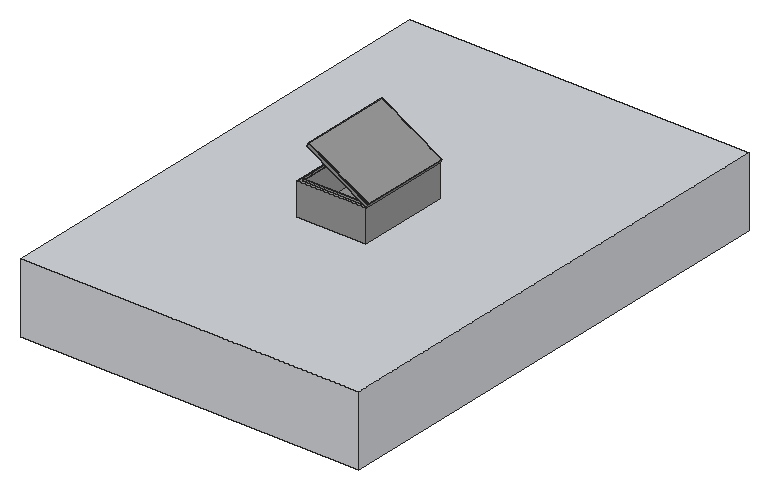
Revit family "Hager-Orion_Inox-IP65-D160-Cl.I-Inox_encl-630A-400mm-IT-it", category Equipement électrique, Revit 2020
Family settings
  Hôte = Face
  Configuration du panneau = Deux colonnes, circuits au sein
  Cote de connecteur circulaire = Utiliser le diamètre
  Type d'élément = Tableau de raccordement
  Couper avec des vides une fois chargée = Non
  Partagée = Non
  Point de calcul de pièce = Non
Parameters (values of type "incassato IP65 L300 A400 P160  - FL706BW")
  Width Control [instance] = if([EF000008 - Larghezza] > Min Width, [EF000008 - Larghezza], Min Width)  # 300 mm
  Commentaires du type = [HG000003 - Gamma]  # "Orion Inox"
  Thickness Door [instance] = if([EF009171 - spessore materiale porta/coperchio] > 3 mm, 3 mm, [EF009171 - spessore materiale porta/coperchio])  # 1.5 mm
  Seal Frame Offset [instance] = 17 mm  # constant formula
  Model = ""
  Min Width [instance] = 100 mm  # constant formula
  Min Height [instance] = 100 mm  # constant formula
  Min Depth [instance] = (2 * [EF009170 - spessore materiale scatola]) + 1 mm  # 3.4 mm
  Internal Frame Depth [instance] = (Door System Depth * 0.5)  # 9 mm
  Height Control [instance] = if([EF000040 - Altezza] > Min Height, [EF000040 - Altezza], Min Height)  # 400 mm
  HG000027 - Altezza dello zoccolo = 0 mm
  HG000026 - A pavimento = no
  HG000024 - Altezza della sezione inferiore = 800 mm
  HG000023 - Custodia a doppia sezione = no
  HG000016 - Visibilità delle porte nella vista 3D [instance] = yes
  HG000015 - Visibilità attraverso la porta [instance] = no
  HG000014 - Porta destra [instance] = yes
  HG000013 - Porta sinistra [instance] = not([HG000014 - Porta destra])  # no
  HG000012 - Angolo di apertura della porta [instance] = 30.00°
  HG000010 - Porte asimmetriche = no
  HG000009 - Porta doppia a battente = no
  HG000006 - Ad incasso = yes
  HG000004 - Codice produttore = "FL706BW"
  HG000003 - Gamma = "Orion Inox"
  HG000002 - Con porta = yes
  Frame Offset Bottom [instance] = 10 mm  # constant formula
  Frame Offset [instance] = 15 mm  # constant formula
  EF015940 - Coprire con rilascio di sovrapressione = no
  EF011959 - tipo di protezione (NEMA) = ""
  EF009554 - numero delle aperture per la piastra della flangia = 2
  Fabricant = "Hager"  # constant formula
  EF009212 - esecuzione coperchio = "EV009916 - con taglio"
  EF009171 - spessore materiale porta/coperchio = 1.5 mm
  EF009170 - spessore materiale scatola = 1.2 mm
  EF008873 - corrente nominale (In) = 630 A
  EF007800 - adatto per parafulmine = no
  EF006306 - con serratura = yes
  EF006244 - coperchio/porta trasparente = no
  EF005474 - grado di protezione (IP) = "EV006421 - IP65"
  EF004464 - tipo di porta = "EV002646 - singolo"
  EF004427 - numero di moduli = 0
  EF004293 - resistenza agli urti = "EV008784 - IK10"
  EF003532 - adatto per uso esterno = yes
  EF002950 - Numero moduli DIN = 0
  EF001613 - Integrità del circuito = ""
  EF001596 - Attacco Lampada = "EV000166 - acciaio inossidabile"
  EF001131 - profondità interna = 160 mm
  EF001088 - possibilità di applicazione = no
  EF000437 - numero di ingressi per conduttori = 2
  EF000339 - tipo di copertura = "EV004216 - porta"
  EF000266 - numero di file = 0
  EF000218 - profondità di incasso = 0 mm
  EF000118 - con piastra di montaggio = yes
  EF000116 - numero RAL = ""
  EF000049 - profondità = 160 mm
  EF000040 - Altezza = 400 mm
  EF000008 - Larghezza = 300 mm
  EF000007 - colore = "EV000154 - altri"
  EF000003 - Tipo di montaggio = "EV001247 - apparente/incassato"
  Door System Leaf Tolerance [instance] = 1.5 mm  # constant formula
  Door System Depth [instance] = 18 mm  # constant formula
  Depth Control [instance] = if([EF000049 - profondità] > Min Depth, [EF000049 - profondità], Min Depth)  # 160 mm
  Default Elevation = 0 mm
Types (2, lengths in mm): name | HG000006 - Ad incasso
  apparente IP65 L300 A400 P160  - FL706BW | no
  incassato IP65 L300 A400 P160  - FL706BW | yes
Reference planes
  plane 1 "Center (Front/Back)": y = 0
  plane 2: z = 0
  plane 3 "Center (Left/Right)": x = 0
  plane 4: z = 160
  plane 5: y = 1.2
  plane 6: y = 200
  plane 7: y = 0
  plane 8: y = 400
  plane 9: z = 0
  plane 10: x = -135
  plane 11: x = 135
  plane 12: x = 133.8
  plane 13: x = -133.8
  plane 14: y = 398.8
  plane 15: x = -133
  plane 16: x = -150
  plane 17: x = 133
  plane 18: x = 150
  plane 19: x = 148.8
  plane 20: x = -148.8
  plane 21: y = 11.2
  plane 22: y = 400
  plane 23: y = 383.8
  plane 24: z = 142
  plane 25: z = 1.2
  plane 26: z = 140.8
  plane 27: z = 158.8
Forms (mm)
  Extrusion 1, solid
    sketch origin (0, 0, 0) x (1, 0, 0) y (0, 1, 0)
      loop
        line (-702.964, 1305) -> (-702.964, -811.445) -> (766.763, -811.445) -> (766.763, 1305) -> (-702.964, 1305)
    from 0 to -304.8
  Extrusion 2, solid, material "Hager_Stainless_Steel", detail levels medium+fine
    sketch origin (0, 0, 0) x (1, 0, 0) y (0, 1, 0)
      loop
        line (-150, 0) -> (150, 0) -> (150, 400) -> (-150, 400) -> (-150, 0)
    from 0 to 142
  Extrusion 3, solid, material "Hager_Steel_RAL 7035_Light_Grey", not visible, detail levels medium+fine
    sketch origin (0, 28.16, 50.802) x (0, 1, 0) y (0, 0, 1)
      loop
        line (223.34, -50.802) -> (223.34, 97.998)
        arc (223.34, 97.998) -> (220.411, 105.069) -> (213.34, 107.998) r 10
        line (213.34, 107.998) -> (183.34, 107.998) -> (183.34, -50.802) -> (223.34, -50.802)
    from -148.8 to 148.8
  Extrusion 4, void
    sketch origin (0, 0, 0) x (1, 0, 0) y (0, 1, 0)
      loop
        line (-148.8, 1.2) -> (148.8, 1.2) -> (148.8, 398.8) -> (-148.8, 398.8) -> (-148.8, 1.2)
    from 1.2 to 140.8
  Extrusion 5, void
    sketch origin (-381.607, -4572, 142) x (0, -1, 0) y (-1, 0, 0)
      loop
        line (-4583.2, -247.807) -> (-4955.8, -247.807) -> (-4955.8, -515.407) -> (-4583.2, -515.407) -> (-4583.2, -247.807)
    from 0 to 1.2 <- "EF009170 - spessore materiale scatola"
  Extrusion 6, solid, material "Hager_Stainless_Steel", detail levels fine
    sketch origin (-381.607, -4572, 142) x (-1, 0, 0) y (0, -1, 0)
      loop
        line (-247.807, -4583.2) -> (-515.407, -4583.2) -> (-515.407, -4955.8) -> (-247.807, -4955.8) -> (-247.807, -4583.2)
      loop
        line (-247.107, -4581.7) -> (-516.107, -4581.7) -> (-516.107, -4957.3) -> (-247.107, -4957.3) -> (-247.107, -4581.7)
    from 0 to 9 <- "Internal Frame Depth"
  Extrusion 7, solid, material "Hager_Stainless_Steel", detail levels coarse
    sketch origin (0, 0, 0) x (1, 0, 0) y (0, 1, 0)
      loop
        line (-150, 0) -> (150, 0) -> (150, 400) -> (-150, 400) -> (-150, 0)
    from 0 to 160
Cuts and joins
  Extrusion 4, Extrusion 5 cuts Extrusion 2
Lines and regions (mm)
  Masking region 1
    outline origin (0, 0, 0) x (1, 0, 0) y (0, 0, 1)
      loop
        line (-150, 160) -> (-150, 0) -> (150, 0) -> (150, 160) -> (-150, 160)
  Masking region 2, detail levels medium+fine
    outline origin (0, 140, 0) x (0, 1, 0) y (0, 0, 1)
      loop
        line (-140, 0) -> (260, 0) -> (260, 142) -> (-140, 142) -> (-140, 0)
  Masking region 3, not visible, detail levels medium+fine
    outline origin (0, 297.922, 0) x (0, 1, 0) y (0, 0, 1)
      loop
        line (-86.422, 0) -> (-46.422, 0) -> (-46.422, 148.8)
        arc (-46.422, 148.8) -> (-49.351, 155.871) -> (-56.422, 158.8) r 10
        line (-56.422, 158.8) -> (-86.422, 158.8) -> (-86.422, 0)
  Masking region 4, detail levels coarse
    outline origin (0, 0, 180) x (0, 1, 0) y (0, 0, 1)
      loop
        line (0, -180) -> (400, -180) -> (400, -20) -> (0, -20) -> (0, -180)
  Masking region 5
    outline origin (-381.607, -4572, 142) x (-1, 0, 0) y (0, -1, 0)
      loop
        line (-231.607, -4972) -> (-231.607, -4572) -> (-531.607, -4572) -> (-531.607, -4972) -> (-231.607, -4972)
Dimensions and locks
  "Depth Control": plane 4 to Extrusion 1
  "EF009170 - spessore materiale scatola": plane 5 to plane 7
  locked: connector elem to plane 3 "Center (Left/Right)"
  equal spacing: plane 8, plane 6, plane 7
  locked: connector elem to plane 6
  "EF009170 - spessore materiale scatola": plane 8 to plane 14
  "EF009170 - spessore materiale scatola": plane 10 to plane 13
  "EF009170 - spessore materiale scatola": plane 12 to plane 11
  "Frame Offset": plane 20 to plane 13
  "Frame Offset": plane 12 to plane 19
  "EF009170 - spessore materiale scatola": plane 16 to plane 20
  "EF009170 - spessore materiale scatola": plane 19 to plane 18
  "Seal Frame Offset": plane 16 to plane 15
  "Seal Frame Offset": plane 17 to plane 18
  "Frame Offset Bottom": plane 21 to plane 5
  "Frame Offset": plane 14 to plane 23
  equal spacing: plane 16, plane 3 "Center (Left/Right)", plane 18
  "Width Control": plane 16 to plane 18
  "EF009170 - spessore materiale scatola": plane 4 to plane 27
  "EF009170 - spessore materiale scatola": plane 24 to plane 26
  "EF009170 - spessore materiale scatola": plane 25 to level
  "Door System Depth": plane 4 to plane 24
  "Height Control": plane 1 "Center (Front/Back)" to Extrusion 7 sketch curve
  "Height Control": Masking region 4 sketch curve to plane 1 "Center (Front/Back)"
  "Thickness Door": Extrusion 6 sketch curve to plane 15
  "Thickness Door": plane 21 to Extrusion 6 sketch curve
  "Thickness Door": plane 17 to Extrusion 6 sketch curve
  "Thickness Door": Extrusion 6 sketch curve to plane 23
  "Height Control": plane 1 "Center (Front/Back)" to plane 22
  radius of Masking region 3 sketch curve = 10 mm
  radius of Extrusion 3 sketch curve = 10 mm
  aligned and locked: plane 2 to Extrusion 1
  aligned and locked: level to Extrusion 1
  aligned and locked: level to Masking region 1 sketch curve
  aligned and locked: Masking region 1 sketch curve to plane 18
  aligned and locked: Masking region 1 sketch curve to plane 16
  aligned and locked: plane 7 to Masking region 2 sketch curve
  aligned and locked: level to Masking region 3 sketch curve
  aligned and locked: Masking region 3 sketch curve to plane 27
  aligned and locked: level to Masking region 2 sketch curve
  aligned and locked: Extrusion 2 sketch curve to plane 7
  aligned and locked: plane 16 to Extrusion 2 sketch curve
  aligned and locked: plane 18 to Extrusion 2 sketch curve
  aligned and locked: Extrusion 3 sketch curve to level
  aligned and locked: plane 27 to Extrusion 3 sketch curve
  aligned and locked: plane 20 to Extrusion 3
  aligned and locked: plane 19 to Extrusion 3
  aligned and locked: plane 20 to Extrusion 4 sketch curve
  aligned and locked: plane 19 to Extrusion 4 sketch curve
  aligned and locked: Extrusion 4 sketch curve to plane 5
  aligned and locked: Extrusion 4 to plane 25
  aligned and locked: plane 26 to Extrusion 4
  aligned and locked: plane 24 to Extrusion 2
  aligned and locked: plane 21 to Extrusion 5 sketch curve
  aligned and locked: Extrusion 5 sketch curve to plane 13
  aligned and locked: Extrusion 5 sketch curve to plane 12
  aligned and locked: plane 18 to Extrusion 7 sketch curve
  aligned and locked: plane 1 "Center (Front/Back)" to Extrusion 7 sketch curve
  aligned and locked: plane 16 to Extrusion 7 sketch curve
  aligned and locked: plane 4 to Extrusion 7
  aligned and locked: Extrusion 7 to level
  aligned and locked: level to Masking region 4 sketch curve
  aligned and locked: Masking region 4 sketch curve to plane 1 "Center (Front/Back)"
  aligned and locked: Masking region 4 sketch curve to plane 4
  aligned and locked: nested 1 to level
  aligned and locked: nested 1 to plane 16
  aligned and locked: plane 8 to Extrusion 2 sketch curve
  aligned and locked: plane 23 to Extrusion 5 sketch curve
  aligned and locked: plane 14 to Extrusion 4 sketch curve
  aligned and locked: Extrusion 6 sketch curve to plane 21
  aligned and locked: plane 13 to Extrusion 6 sketch curve
  aligned and locked: plane 23 to Extrusion 6 sketch curve
  aligned and locked: plane 12 to Extrusion 6 sketch curve
  aligned and locked: Masking region 2 sketch curve to plane 8
  aligned and locked: Masking region 2 sketch curve to plane 24
  aligned and locked: nested 2 to plane 3 "Center (Left/Right)"
  aligned and locked: nested 2 to plane 24
  aligned and locked: Masking region 5 sketch curve to plane 1 "Center (Front/Back)"
  aligned and locked: Masking region 5 sketch curve to plane 18
  aligned and locked: Masking region 5 sketch curve to plane 22
  aligned and locked: Masking region 5 sketch curve to plane 16
  aligned and locked: plane 8 to plane 22
  aligned and locked: plane 7 to plane 1 "Center (Front/Back)"
  aligned and locked: nested 2 to plane 1 "Center (Front/Back)"
Automatic sketch dimensions
  Extrusion 1 sketch curve to Extrusion 1 sketch curve = 1469.727 mm
  Extrusion 1 sketch curve to Extrusion 1 sketch curve = 2116.445 mm
  plane 6 to Masking region 3 sketch curve = 11.5 mm
  Masking region 3 sketch curve to Masking region 3 sketch curve = 30 mm
  plane 6 to Extrusion 3 sketch curve = 11.5 mm
  Extrusion 3 sketch curve to Extrusion 3 sketch curve = 30 mm
  Masking region 1 sketch curve to plane 4 = 0 mm
Nested families
  nested 1: "Hager_Enclosure_Symbol" at (-150, 0, 0) x (1, 0, 0) z (0, -1, 0), Height <- "Depth Control", Width <- "Width Control", type "Hager_Enclosure_Symbol"
    with Width_Ctrl 300 mm, Width 300 mm, Height_Ctrl 160 mm, Height 160 mm, A_Width_Int 10.5 mm, A_Width 126 mm, A_Height_Ctrl 140 mm, A_Height 140 mm
  nested 2: "EC000058_OrionInox_Door" at (0, 400, 142) x (1, 0, 0) z (0, -1, 0), Leaf_Tolerance <- "Door System Leaf Tolerance", Angle <- "HG000012 - Angolo di apertura della porta", Door_Depth <- "Door System Depth", Door_Left <- "HG000013 - Porta sinistra", Transparent <- "EF006244 - coperchio/porta trasparente", Assymetrical <- "HG000010 - Porte asimmetriche", Width <- "Width Control", Clearance <- "HG000015 - Visibilità attraverso la porta", Double <- "HG000009 - Porta doppia a battente", 3d_Door <- "HG000016 - Visibilità delle porte nella vista 3D", Width_Ctrl <- "Width Control", Door_Right <- "HG000014 - Porta destra", Door <- "HG000002 - Con porta", Height <- "Height Control", Thickness <- "Thickness Door", type "EC000058_OrionInox_Door", detail levels medium+fine
    with min_wh 4 mm, Width_Ctrl 300 mm, Width 300 mm, Transparent no, Thickness 1.5 mm, Seal_Material Hager_Rubber, Leaf_Width 300 mm, Leaf_Tolerance_External_Sides 0 mm, Leaf_Tolerance 1.5 mm, Leaf_Offset 0 mm, Leaf_Height 397 mm, Leaf_2_Width 300 mm, Leaf_2_Offset 150 mm, Leaf_1_Width 300 mm, Leaf_1_Offset 150 mm, Height_Ctrl 400 mm, Height 400 mm, Glass_Material Hager_Glass, Double_Clearance_Ctrl no, Double no, Door_Right_Ctrl yes, Door_Right yes, Door_Material Hager_Stainless_Steel, Door_Left_Ctrl no, Door_Left no, Door_Depth 18 mm, Door yes, Clearance_Material Hager_Clearance, Clearance_Depth 300 mm, Clearance_Ctrl no, Clearance no, Assymetrical no, Angle 30.00°, 3d_Door yes
Connectors
  electrical at (0, 200, 0)
    settings: on plane 9, index 1, voltage 0 V, apparent load 0 VA, apparent load phase1 0 VA, apparent load phase2 0 VA, apparent load phase3 0 VA, power factor 1, load classification "Other", number of poles 1, system type 30, power factor state 1, is connector primary yes, connector utility no, sub classification motor no, connector description ""
Definition of nested family "EC000058_OrionInox_Door"
  Parameters (values of type "EC000058_OrionInox_Door")
    min_wh [instance] = (2 * Thickness) + 1 mm  # 11 mm
    Width_Ctrl [instance] = 400 mm
    Width [instance] = 500 mm
    Transparent [instance] = yes
    Thickness [instance] = 5 mm
    Seal_Material [instance] = none
    Leaf_Width [instance] = if((Width_Ctrl - 2 * Leaf_Tolerance_External_Sides) > 0 mm, (Width_Ctrl - 2 * Leaf_Tolerance_External_Sides), min_wh)  # 400 mm
    Leaf_Tolerance_External_Sides [instance] = 0 mm  # constant formula
    Leaf_Tolerance [instance] = 1.5 mm
    Leaf_Offset [instance] = 0 mm  # constant formula
    Leaf_Height [instance] = if((Height_Ctrl - 2 * Leaf_Tolerance) > 0 mm, (Height_Ctrl - 2 * Leaf_Tolerance), min_wh)  # 497 mm
    Leaf_2_Width [instance] = if(and(and(Double, Assymetrical), Door_Left), (Leaf_Width / 3) - (Leaf_Tolerance / 2), if(and(and(Double, Assymetrical), Door_Right), (Leaf_Width / 3) * 2 - (Leaf_Tolerance / 2), if(and(Double, not(Assymetrical)), (Leaf_Width / 2) - Leaf_Tolerance, Leaf_Width)))  # 400 mm
    Leaf_2_Offset [instance] = if(and(Double, Assymetrical), Leaf_2_Width / 2, if(and(Double, not(Assymetrical)), Leaf_Width / 4, Leaf_Width / 2))  # 200 mm
    Leaf_1_Width [instance] = if(and(and(Double, Assymetrical), Door_Right), (Leaf_Width / 3) - (Leaf_Tolerance / 2), if(and(and(Double, Assymetrical), Door_Left), (Width / 3) * 2 - (Leaf_Tolerance / 2), if(and(Double, not(Assymetrical)), (Leaf_Width / 2) - Leaf_Tolerance, Leaf_Width)))  # 400 mm
    Leaf_1_Offset [instance] = if(and(Double, Assymetrical), Leaf_1_Width / 2, if(and(Double, not(Assymetrical)), Leaf_Width / 4, Leaf_Width / 2))  # 200 mm
    Height_Ctrl [instance] = if(Height > min_wh, Height, min_wh)  # 500 mm
    Height [instance] = 500 mm
    Glass_Material [instance] = none
    Double_Clearance_Ctrl [instance] = and(Double, Clearance)  # no
    Double [instance] = no
    Door_Right_Ctrl [instance] = and(or(Door_Right, Double), Door)  # yes
    Door_Right [instance] = yes
    Door_Material [instance] = none
    Door_Left_Ctrl [instance] = and(or(Door_Left, Double), Door)  # no
    Door_Left [instance] = no
    Door_Depth [instance] = 30 mm
    Door [instance] = yes
    Default Elevation = 1219.2 mm
    Clearance_Material [instance] = none
    Clearance_Depth [instance] = if(Leaf_1_Width > Leaf_2_Width, Leaf_1_Width, Leaf_2_Width)  # 400 mm
    Clearance_Ctrl [instance] = and(not(Double), Clearance)  # yes
    Clearance [instance] = yes
    Assymetrical [instance] = yes
    Angle [instance] = 30.00°
    3d_Door [instance] = yes
  Reference planes
    plane 1 "Center (Front/Back)": y = 0
    plane 2 "Bottom": z = 0
    plane 3 "Center (Left/Right)": x = 0
    plane 4: z = 500
    plane 5: x = -200
    plane 6: x = 200
    plane 7: z = 500
    plane 8: x = -200
    plane 9: z = 0
    plane 10: x = 200
    plane 11: y = 0
    plane 12: z = 1.5
    plane 13: x = -600
    plane 14: y = -400
    plane 15: x = 600
    plane 16: x = 0
    plane 17: x = 0
    plane 18: x = -200
    plane 19: x = 200
    plane 20: z = 498.5
  Forms (mm)
    Extrusion 1, solid, material <- "Clearance_Material", visible <- "Double_Clearance_Ctrl"
      sketch origin (1200, 0, 0) x (1, 0, 0) y (0, 0, -1)
        loop
          line (-1800, -498.5) -> (-600, -498.5) -> (-600, 0) -> (-1800, 0) -> (-1800, -498.5)
      from 0 to -400
  Dimensions and locks
    equal spacing: plane 5, plane 3 "Center (Left/Right)", plane 6
    "Width_Ctrl": plane 5 to plane 6
    "Leaf_Offset": plane 5 to plane 8
    "Leaf_Offset": plane 6 to plane 10
    "Leaf_Offset": plane 9 to level
    "Leaf_Offset": plane 4 to plane 7
    "Height_Ctrl": plane 4 to level
    "Leaf_Tolerance": plane 12 to plane 9
    locked: plane 11 to plane 1 "Center (Front/Back)"
    "Leaf_1_Offset": plane 18 to plane 16
    "Leaf_2_Offset": plane 17 to plane 19
    "Leaf_1_Width": plane 13 to plane 8
    "Leaf_2_Width": plane 10 to plane 15
    "Clearance_Depth": plane 14 to plane 1 "Center (Front/Back)"
    "Leaf_Tolerance_External_Sides": plane 8 to plane 18
    "Leaf_Tolerance_External_Sides": plane 19 to plane 10
    "Leaf_Tolerance": plane 7 to plane 20
    aligned and locked: level to plane 2 "Bottom"
    aligned and locked: nested 1 to plane 16
    aligned and locked: nested 2 to plane 17
    aligned and locked: Extrusion 1 to plane 13
    aligned and locked: plane 15 to Extrusion 1
    aligned and locked: Extrusion 1 to plane 14
    aligned and locked: plane 12 to nested 1
    aligned and locked: nested 2 to plane 12
    aligned and locked: Extrusion 1 to plane 11
    aligned and locked: plane 20 to Extrusion 1
    aligned and locked: nested 2 to plane 11
    aligned and locked: nested 1 to plane 11
  Automatic sketch dimensions
    Extrusion 1 sketch curve to level = 0 mm
    plane 5 to Extrusion 1 sketch curve = 400 mm
    plane 6 to Extrusion 1 sketch curve = 400 mm
    Extrusion 1 sketch curve to plane 4 = 1.5 mm
  Nested families
    nested 1: "EC000058_OrionInox_Door_Leaf" at (0, 0, 1.5), Width <- "Leaf_1_Width", visible <- "Door_Left_Ctrl", Leaf_Height <- "Leaf_Height", Angle <- "Angle", 3d_Door <- "3d_Door", Transparent <- "Transparent", Clearance Material <- "Clearance_Material", Clearance <- "Clearance_Ctrl", Door_Material <- "Door_Material", Glass_Material <- "Glass_Material", Door_Depth <- "Door_Depth", Seal_Material <- "Seal_Material", Thickness <- "Thickness", type "EC000058_OrionInox_Door_Leaf"
      with Width 400 mm, Transparent_Ctrl yes, Transparent yes, Thickness 5 mm, Standard no, Seal_Material none, Seal_D2 8 mm, Seal_D1 1 mm, Offset_Internal_Frame 10 mm, Lock_Width 28 mm, Lock_Thickness 2 mm, Lock_Radius 6 mm, Leaf_Height 497 mm, Internal_Seal_Thickness 8 mm, Internal_Seal_Depth_2 4.5 mm, Internal_Frame_Depth 25 mm, Glass_Thickness -1 mm, Glass_Offset -2 mm, Glass_Material none, Door_Material none, Door_Depth 30 mm, Clearance Material none, Clearance yes, Angle_Ctrl 30.00°, Angle 30.00°, 3d_Door yes
    nested 2: "EC000058_OrionInox_Door_Leaf" at (0, 0, 1.5) x (-1, 0, 0) z (0, 0, 1), Width <- "Leaf_2_Width", visible <- "Door_Right_Ctrl", Leaf_Height <- "Leaf_Height", Angle <- "Angle", 3d_Door <- "3d_Door", Transparent <- "Transparent", Clearance Material <- "Clearance_Material", Clearance <- "Clearance_Ctrl", Door_Material <- "Door_Material", Glass_Material <- "Glass_Material", Door_Depth <- "Door_Depth", Seal_Material <- "Seal_Material", Thickness <- "Thickness", type "EC000058_OrionInox_Door_Leaf"
      with Width 400 mm, Transparent_Ctrl yes, Transparent yes, Thickness 5 mm, Standard no, Seal_Material none, Seal_D2 8 mm, Seal_D1 1 mm, Offset_Internal_Frame 10 mm, Lock_Width 28 mm, Lock_Thickness 2 mm, Lock_Radius 6 mm, Leaf_Height 497 mm, Internal_Seal_Thickness 8 mm, Internal_Seal_Depth_2 4.5 mm, Internal_Frame_Depth 25 mm, Glass_Thickness -1 mm, Glass_Offset -2 mm, Glass_Material none, Door_Material none, Door_Depth 30 mm, Clearance Material none, Clearance yes, Angle_Ctrl 30.00°, Angle 30.00°, 3d_Door yes
  Definition of nested family "EC000058_OrionInox_Door_Leaf"
    Parameters (values of type "EC000058_OrionInox_Door_Leaf")
      Width [instance] = 450 mm
      Transparent_Ctrl [instance] = and(Transparent, [3d_Door])  # yes
      Transparent [instance] = yes
      Thickness [instance] = 5 mm
      Standard [instance] = and(not(Transparent), [3d_Door])  # no
      Seal_Material [instance] = none
      Seal_D2 [instance] = 8 mm  # constant formula
      Seal_D1 [instance] = 1 mm  # constant formula
      Offset_Internal_Frame [instance] = 10 mm  # constant formula
      Lock_Width [instance] = Door_Depth - Lock_Thickness  # 28 mm
      Lock_Thickness [instance] = 2 mm  # constant formula
      Lock_Radius [instance] = 6 mm  # constant formula
      Leaf_Height [instance] = 450 mm
      Internal_Seal_Thickness [instance] = 8 mm  # constant formula
      Internal_Seal_Depth_2 [instance] = 4.5 mm  # constant formula
      Internal_Frame_Depth [instance] = if(Door_Depth - Thickness > 5 mm, Door_Depth - Thickness, 5 mm)  # 25 mm
      Glass_Thickness [instance] = if(Thickness > 15 mm, Glass_Offset + 10 mm, -1 mm)  # -1 mm
      Glass_Offset [instance] = if(Thickness > 15 mm, -(Thickness + 10 mm) / 2, -2 mm)  # -2 mm
      Glass_Material [instance] = none
      Door_Material [instance] = none
      Door_Depth [instance] = 30 mm
      Default Elevation = 0 mm
      Clearance Material [instance] = none
      Clearance [instance] = yes
      Angle_Ctrl [instance] = if(Angle > 180.00°, 180.00°, Angle)  # 90.00°
      Angle [instance] = 90.00°
      3d_Door [instance] = yes
    Reference planes
      plane 1 "Center (Front/Back)": y = 0
      plane 2: z = 0
      plane 3 "Center (Left/Right)": x = 0
      plane 4: y = 450
      plane 5: x = -225
      plane 6: x = 225
      plane 7: x = -675
      plane 8: z = 450
      plane 9: z = 30
      plane 10: z = 420
      plane 11: x = 195
      plane 12: x = -195
      plane 13: y = -3
      plane 14: z = 107.833
      plane 15: y = -5
      plane 16: y = -223.314
      plane 17: x = -225
      plane 18: y = 30
    Forms (mm)
      Extrusion 1, solid, material <- "Clearance Material", visible <- "Clearance"
        sketch origin (0, 0, 0) x (1, 0, 0) y (0, 0, 1)
          loop
            line (-675, 450) -> (-675, 0) -> (225, 0) -> (225, 450) -> (-675, 450)
        from 0 to -450
      Extrusion 2, solid, material <- "Door_Material", visible <- "Standard", detail levels medium+fine
        sketch origin (-225, 0, 0) x (0, 1, 0) y (-1, 0, 0)
          loop
            line (0, 30) -> (0, 25) -> (450, 25) -> (450, 30) -> (0, 30)
        from 0 to 450 <- "Leaf_Height"
      Extrusion 3, solid, material <- "Door_Material", visible <- "Transparent_Ctrl", detail levels medium+fine
        sketch origin (-225, 0, 0) x (0, 1, 0) y (-1, 0, 0)
          loop
            line (0, 25) -> (450, 25) -> (450, 30) -> (0, 30) -> (0, 25)
        from 0 to 450 <- "Leaf_Height"
      Extrusion 4, void
        sketch origin (-250, 450, 0) x (0, 1, 0) y (0, 0, -1)
          loop
            line (-30, -420) -> (-30, -30) -> (-420, -30) -> (-420, -420) -> (-30, -420)
        from 0 to 5 <- "Thickness"
      Sweep 5, solid, material <- "Seal_Material", visible <- "Transparent_Ctrl", detail levels fine
        path in 3D
          loop
            line (-250, 30, 30) -> (-250, 30, 420) -> (-250, 420, 420) -> (-250, 420, 30) -> (-250, 30, 30)
        profile origin (-250, 225, 30) x (1, 0, 0) y (0, 0, 1)
          loop
            line (0, 0) -> (0, -8) -> (1, -8) -> (1, 0) -> (0, 0)
      Extrusion 6, solid, material <- "Glass_Material", visible <- "Transparent_Ctrl", detail levels medium+fine
        sketch origin (-255, 0, 0) x (0, 1, 0) y (0, 0, -1)
          loop
            line (420, -420) -> (420, -30) -> (30, -30) -> (30, -420) -> (420, -420)
        from -2 <- "Glass_Offset" to -1 <- "Glass_Thickness"
      Extrusion 7, solid, material <- "Door_Material", visible <- "3d_Door", detail levels medium+fine
        sketch origin (-250, 450, 0) x (0, -1, 0) y (0, 0, -1)
          loop
            line (0, -450) -> (450, -450) -> (450, 0) -> (0, 0) -> (0, -450)
          loop
            line (445, -5) -> (5, -5) -> (5, -445) -> (445, -445) -> (445, -5)
        from 0 to 25 <- "Internal_Frame_Depth"
      Sweep 8, solid, material <- "Seal_Material", visible <- "Transparent_Ctrl", detail levels fine
        path in 3D
          loop
            line (-250, 0, 0) -> (-250, 450, 0) -> (-250, 450, 450) -> (-250, 0, 450) -> (-250, 0, 0)
        profile origin (-250, 0, 225) x (1, 0, 0) y (0, 1, 0)
          loop
            line (0, 10) -> (2.975, 10)
            arc (2.975, 10) -> (4.053, 10.447) -> (4.5, 11.525) r 1.525
            line (4.5, 11.525) -> (4.5, 16.527)
            arc (4.5, 16.527) -> (4.069, 17.569) -> (3.027, 18) r 1.473
            line (3.027, 18) -> (0, 18) -> (0, 10)
    Cuts and joins
      Extrusion 4 cuts Extrusion 3
    Lines and regions (mm)
      Masking region 1, detail levels medium+fine
        outline origin (0, 0, 0) x (0, 1, 0) y (0, 0, 1)
          loop
            line (0, 0) -> (30, 0) -> (30, 450) -> (0, 450) -> (0, 0)
      Masking region 2, detail levels medium+fine
        outline origin (0, 0, 0) x (1, 0, 0) y (0, 0, 1)
          loop
            line (-225, 450) -> (-225, 0) -> (225, 0) -> (225, 450) -> (-225, 450)
      symbolic lines
        curve 1: line (225, 0, 0) -> (-675, 0, 0)
        curve 2: arc (225, 0, 0) -> (-225, 450, 0) -> (-675, 0, 0) r 450
        curve 4: line (-255, 0, 0) -> (-255, 450, 0)
      reference lines
        curve 3: line (-225, 0, 0) -> (-225, 450, 0)
      symbolic lines, detail levels medium+fine
        curve 5: line (-255, 450, 0) -> (-250, 450, 0)
        curve 7: line (-250, 0, 0) -> (-255, 0, 0)
        curve 8: line (-250, 0, 0) -> (-225, 0, 0)
        curve 9: line (-225, 0, 0) -> (-225, 450, 0)
        curve 10: line (-225, 450, 0) -> (-250, 450, 0)
      symbolic lines, detail levels fine
        curve 6: line (-250, 450, 0) -> (-250, 0, 0)
      sketch lines
        curve 11: line (-250, 0, 450) -> (-250, 0, 0)
        curve 12: line (-250, 450, 0) -> (-250, 0, 0)
        curve 13: line (-250, 450, 450) -> (-250, 450, 0)
        curve 14: line (-250, 0, 450) -> (-250, 450, 450)
        curve 15: line (-250, 420, 30) -> (-250, 30, 30)
        curve 16: line (-250, 30, 30) -> (-250, 30, 420)
        curve 17: line (-250, 420, 420) -> (-250, 420, 30)
        curve 18: line (-250, 30, 420) -> (-250, 420, 420)
      symbolic lines, visible <- "Transparent", detail levels medium+fine
        curve 19: line (-195, 0, 420) -> (195, 0, 420)
        curve 20: line (-195, 0, 30) -> (-195, 0, 420)
        curve 21: line (195, 0, 30) -> (-195, 0, 30)
        curve 22: line (195, 0, 420) -> (195, 0, 30)
    Dimensions and locks
      "Width": plane 1 "Center (Front/Back)" to plane 4
      equal spacing: plane 5, plane 3 "Center (Left/Right)", plane 6
      "Width": plane 5 to plane 6
      "Width": plane 7 to plane 5
      "Leaf_Height": plane 8 to level
      "Width": curve 5 to curve 3
      "Width": curve 3 to curve 3
      plane 8 to plane 10 = 30 mm
      plane 9 to level = 30 mm
      plane 12 to plane 5 = 30 mm
      plane 6 to plane 11 = 30 mm
      Extrusion 4 sketch curve to Extrusion 3 = 30 mm
      Extrusion 3 to Extrusion 4 sketch curve = 30 mm
      Extrusion 1 to Extrusion 4 sketch curve = 30 mm
      curve 3 to Extrusion 4 sketch curve = 30 mm
      Extrusion 4 sketch curve to cut or joined group of Extrusion 3, Extrusion 4 = 30 mm
      cut or joined group of Extrusion 3, Extrusion 4 to Extrusion 6 sketch curve = 30 mm
      cut or joined group of Extrusion 3, Extrusion 4 to Extrusion 4 sketch curve = 30 mm
      "Thickness": curve 6 to curve 4
      "Thickness": Extrusion 7 sketch curve to Extrusion 7 sketch curve  (x4)
      "Door_Depth": curve 4 to curve 3
      "Offset_Internal_Frame": profile plane to Sweep 8 sketch curve
      "Internal_Seal_Thickness": Sweep 8 sketch curve to Sweep 8 sketch curve
      "Internal_Seal_Depth_2": profile plane to Sweep 8 sketch curve
      "Seal_D1": profile plane to Sweep 5 sketch curve
      "Seal_D2": profile plane to Sweep 5 sketch curve
      "Thickness": Extrusion 2 sketch curve to Extrusion 2 sketch curve
      "Door_Depth": plane 18 to plane 1 "Center (Front/Back)"
      radius of Sweep 8 sketch curve = 1.525 mm
      radius of Sweep 8 sketch curve = 1.473 mm
      "Angle_Ctrl": angle plane 1 "Center (Front/Back)" to curve 3
      aligned and locked: level to plane 2
      aligned and locked: Extrusion 1 to curve 1
      aligned and locked: plane 6 to Extrusion 1
      aligned and locked: plane 1 "Center (Front/Back)" to Extrusion 1
      aligned and locked: plane 4 to Extrusion 1
      aligned and locked: plane 8 to Extrusion 1
      aligned and locked: curve 7 to Extrusion 2 sketch curve
      aligned and locked: curve 5 to Extrusion 2 sketch curve
      aligned and locked: curve 7 to Extrusion 3 sketch curve
      aligned and locked: Extrusion 3 sketch curve to curve 4
      aligned and locked: Extrusion 3 sketch curve to curve 6
      aligned and locked: Extrusion 3 sketch curve to curve 5
      aligned and locked: curve 9 to curve 3
      aligned and locked: Extrusion 7 sketch curve to cut or joined group of Extrusion 3, Extrusion 4  (x4)
      aligned and locked: plane 17 to curve 3
      aligned and locked: plane 1 "Center (Front/Back)" to curve 3
      aligned and locked: plane 17 to plane 5
      aligned and locked: Sweep 8 sketch curve to profile plane
      aligned and locked: Sweep 5 sketch curve to profile plane  (x2)
      aligned and locked: plane 1 "Center (Front/Back)" to Masking region 1 sketch curve
      aligned and locked: plane 18 to Masking region 1 sketch curve
      aligned and locked: level to Masking region 1 sketch curve
      aligned and locked: Masking region 1 sketch curve to plane 8
      aligned and locked: plane 17 to Masking region 2 sketch curve
      aligned and locked: level to Masking region 2 sketch curve
      aligned and locked: Masking region 2 sketch curve to plane 8
      aligned and locked: plane 12 to curve 20
      aligned and locked: plane 10 to curve 19
      aligned and locked: plane 11 to curve 22
      aligned and locked: plane 9 to curve 21
      aligned and locked: Extrusion 2 sketch curve to cut or joined group of Extrusion 3, Extrusion 4
    Automatic sketch dimensions
      plane 1 "Center (Front/Back)" to curve 2 = 0 mm
      curve 2 to plane 5 = 0 mm
      Extrusion 1 sketch curve to level = 0 mm
      Extrusion 1 sketch curve to plane 7 = 0 mm
      Extrusion 1 sketch curve to plane 6 = 0 mm
      Extrusion 1 sketch curve to plane 8 = 0 mm
      Extrusion 3 to Extrusion 6 sketch curve = 30 mm  (x4)
      Masking region 2 sketch curve to plane 6 = 0 mm
      curve 4 to curve 3 = 0 mm
Definition of nested family "Hager_Enclosure_Symbol"
  Parameters (values of type "Hager_Enclosure_Symbol")
    Width_Ctrl [instance] = if(Width > 1 mm, Width, 1 mm)  # 102.27 mm
    Width [instance] = 102.27 mm
    Height_Ctrl [instance] = if(Height > 1 mm, Height, 1 mm)  # 66.5 mm
    A_Width_Int [instance] = if(A_Width / 12 > 2 mm, A_Width / 12, 2 mm)  # 4.364 mm
    A_Width [instance] = if(A_Height_Ctrl * 0.9 > 2 mm, A_Height_Ctrl * 0.9, 2 mm)  # 52.369 mm
    A_Height_Ctrl [instance] = if(A_Height > 2 mm, A_Height, 2 mm)  # 58.188 mm
    Height [instance] = 66.5 mm
    A_Height [instance] = Height - (Height / 8)  # 58.188 mm
  Reference planes
    plane 1 "Centre (avant/arrière)": y = 0
    plane 2: z = 0
    plane 3 "Centre (gauche/droite)": x = 0
    plane 4: x = 52.369
    plane 5: y = 33.042
    plane 6: y = 41.77
    plane 7: y = 66.5
    plane 8: x = 26.184
    plane 9: y = 37.406
    plane 10: x = 102.27
    plane 11: y = 66.5
    plane 12: y = 8.313
  Lines and regions (mm)
    Filled region 1, type "Solid_Black", in view "Niveau de réf."
      outline origin (0, 0, 0) x (1, 0, 0) y (0, 1, 0)
        loop
          line (52.369, 66.5) -> (33.188, 54.536) -> (45.365, 45.006) -> (52.369, 66.5)
    Filled region 2, type "Solid_Black", in view "Niveau de réf."
      outline origin (0, 0, 0) x (1, 0, 0) y (0, 1, 0)
        loop
          line (0, 0) -> (102.27, 0) -> (102.27, 66.5) -> (0, 0)
    detail lines, in view "Niveau de réf."
      curve 1: line (0, 8.313, 0) -> (26.184, 41.77, 0)
      curve 2: line (26.184, 41.77, 0) -> (26.184, 33.042, 0)
      curve 3: line (26.184, 33.042, 0) -> (52.369, 66.5, 0)
  Dimensions and locks
    "A_Width": plane 3 "Centre (gauche/droite)" to plane 4
    equal spacing: plane 3 "Centre (gauche/droite)", plane 8, plane 4
    equal spacing: plane 6, plane 9, plane 5
    equal spacing: curve 3, Filled region 1 sketch curve, Filled region 1 sketch curve
    "Height_Ctrl": plane 1 "Centre (avant/arrière)" to plane 11
    "A_Height_Ctrl": plane 11 to plane 12
    equal spacing: plane 11, plane 9, plane 12
    "A_Width_Int": plane 6 to plane 9
    "Width_Ctrl": plane 3 "Centre (gauche/droite)" to plane 10
    angle Filled region 1 sketch curve to curve 3 = 20.00°
    angle curve 3 to Filled region 1 sketch curve = 20.00°
    locked: curve 3 to Filled region 1 sketch curve (angle 90.00°)
    aligned and locked: plane 10 to Filled region 2
    aligned and locked: plane 11 to Filled region 2 sketch curve
    aligned and locked: plane 10 to Filled region 2 sketch curve
    aligned and locked: plane 3 "Centre (gauche/droite)" to curve 1
    aligned and locked: plane 12 to curve 1
    aligned and locked: plane 7 to plane 11
  Automatic sketch dimensions
    Filled region 1 sketch curve to plane 4 = 0 mm
    Filled region 1 sketch curve to plane 7 = 0 mm
    plane 1 "Centre (avant/arrière)" to Filled region 2 sketch curve = 0 mm
    Filled region 2 sketch curve to plane 3 "Centre (gauche/droite)" = 0 mm
    curve 2 to plane 6 = 0 mm
    curve 2 to plane 8 = 0 mm
    curve 3 to plane 4 = 0 mm
    curve 2 to plane 5 = 0 mm
    curve 3 to plane 7 = 0 mm
